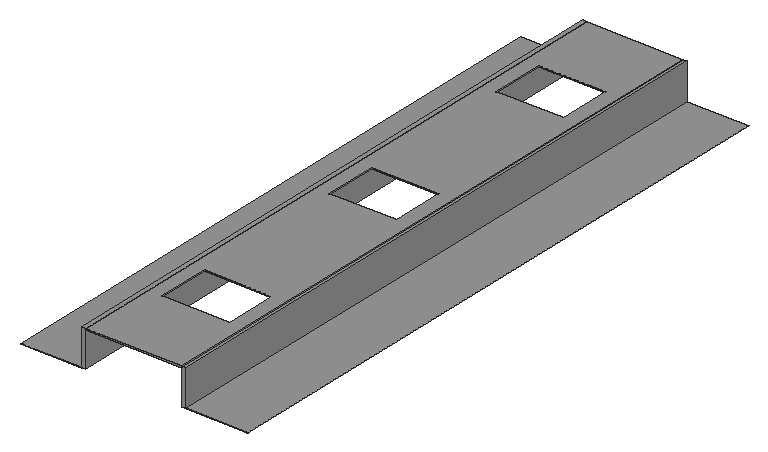
Revit family "OKA-G Kanaleinheit für GES6, Höhe 40-140mm", category Generic Models, Revit 2015
Parameters (values of type "OKA-G40040140D6")
  Width = 400 mm
  URL = "http://www.obo-bettermann.com"
  Material = Steel, Galvanized
  Manufacturer Art. No. = "7424162"
  Manufacturer = "OBO Bettermann"
  Length [instance] = 2400 mm
  HeightCalc [instance] = if(Height < 40 mm, 40 mm, (if(Height > 140 mm, 140 mm, Height)))  # 140 mm
  Height [instance] = 140 mm
  GTIN = "4012195243571"
  Cut's number = 3
  Article Type = "OKA-G40040140D6"
Reference planes
  plane 1 "Center (Front/Back)": y = 0
  plane 2: z = 0
  plane 3 "Center (Left/Right)": x = 0
  plane 4: z = 140
  plane 5: y = -2400
  plane 6: x = 200
  plane 7: x = -200
Forms (mm)
  Extrusion 1, solid, material "Aluminum 6061"
    sketch origin (0, 0, 0) x (1, 0, 0) y (0, 0, 1)
      loop
        line (185, 140) -> (185, 0) -> (435, 0) -> (435, 1) -> (200, 1) -> (200, 140) -> (185, 140)
      loop
        line (-200, 1) -> (-435, 1) -> (-435, 0) -> (-185, 0) -> (-185, 140) -> (-200, 140) -> (-200, 1)
    from 0 to 2400
  Extrusion 2, solid, material "Steel, Galvanized" <- "Material"
    sketch origin (0, 0, 0) x (1, 0, 0) y (0, 0, 1)
      loop
        line (185, 136) -> (185, 140) -> (-185, 140) -> (-185, 136) -> (185, 136)
    from 0 to 2400
  Extrusion 3, void
    sketch origin (0, 0, 0) x (1, 0, 0) y (0, 1, 0)
      loop
        line (-129.1, -1898.5) -> (-129.1, -2102.5) -> (129.1, -2102.5) -> (129.1, -1898.5) -> (-129.1, -1898.5)
    from 0 to 250
  Extrusion 4, void
    sketch origin (0, 800, 0) x (1, 0, 0) y (0, 1, 0)
      loop
        line (-129.1, -1898.5) -> (-129.1, -2102.5) -> (129.1, -2102.5) -> (129.1, -1898.5) -> (-129.1, -1898.5)
    from 0 to 250
  Extrusion 5, void
    sketch origin (0, 1600, 0) x (1, 0, 0) y (0, 1, 0)
      loop
        line (-129.1, -1898.5) -> (-129.1, -2102.5) -> (129.1, -2102.5) -> (129.1, -1898.5) -> (-129.1, -1898.5)
    from 0 to 250
Cuts and joins
  Extrusion 3, Extrusion 4, Extrusion 5 cuts Extrusion 2
Lines and regions (mm)
  model lines
    curve 1: line (-200, 0, 140) -> (-185, 0, 140)
    curve 2: line (-185, 0, 140) -> (-185, 0, 0)
    curve 3: line (-185, 0, 0) -> (-435, 0, 0)
    curve 4: line (-435, 0, 0) -> (-435, 0, 1)
    curve 5: line (-435, 0, 1) -> (-200, 0, 1)
    curve 6: line (-200, 0, 1) -> (-200, 0, 140)
    curve 7: line (185, 0, 140) -> (185, 0, 0)
    curve 8: line (185, 0, 0) -> (435, 0, 0)
    curve 9: line (435, 0, 0) -> (435, 0, 1)
    curve 10: line (435, 0, 1) -> (200, 0, 1)
    curve 11: line (200, 0, 1) -> (200, 0, 140)
    curve 12: line (200, 0, 140) -> (185, 0, 140)
    curve 13: line (185, 0, 140) -> (185, 0, 0)
    curve 14: line (-185, 0, 0) -> (-185, 0, 140)
    curve 15: line (-185, 0, 140) -> (185, 0, 140)
    curve 16: line (-185, 0, 136) -> (185, 0, 136)
Dimensions and locks
  locked: curve 5 to curve 3 at 1
  locked: curve 2 to curve 6 at 15
  locked: curve 10 to curve 8 at 1
  locked: curve 2 to curve 4 at 250
  locked: curve 9 to curve 7 at 250
  locked: curve 11 to curve 7 at 15
  "Length": plane 1 "Center (Front/Back)" to plane 5
  equal spacing: plane 7, plane 3 "Center (Left/Right)", plane 6
  "Width": plane 7 to plane 6
  "HeightCalc": level to plane 4
  locked: curve 16 to curve 15 at 4
  locked: Extrusion 3 sketch curve to Extrusion 3 sketch curve at 204
  locked: Extrusion 3 sketch curve to Extrusion 3 sketch curve at 258.2
  locked: Extrusion 4 sketch curve to Extrusion 4 sketch curve at 204
  locked: Extrusion 4 sketch curve to Extrusion 4 sketch curve at 258.2
  equal spacing: group 1, group 2, group 3  (x3)
  locked: Extrusion 5 sketch curve to Extrusion 5 sketch curve at 204
  locked: Extrusion 5 sketch curve to Extrusion 5 sketch curve at 258.2
  aligned and locked: level to plane 2
  aligned and locked: level to curve 3
  aligned and locked: curve 6 to plane 7
  aligned and locked: curve 11 to plane 6
  aligned and locked: plane 4 to curve 1
  aligned and locked: curve 8 to level
  aligned and locked: Extrusion 1 sketch curve to curve 13
  aligned and locked: Extrusion 1 sketch curve to curve 12
  aligned and locked: Extrusion 1 sketch curve to curve 11
  aligned and locked: Extrusion 1 sketch curve to curve 10
  aligned and locked: Extrusion 1 sketch curve to curve 9
  aligned and locked: Extrusion 1 sketch curve to curve 8
  aligned and locked: Extrusion 1 sketch curve to curve 6
  aligned and locked: Extrusion 1 sketch curve to curve 14
  aligned and locked: Extrusion 1 sketch curve to curve 1
  aligned and locked: Extrusion 1 sketch curve to curve 5
  aligned and locked: Extrusion 1 sketch curve to curve 3
  aligned and locked: Extrusion 1 sketch curve to curve 4
  aligned and locked: Extrusion 1 to plane 5
  aligned and locked: Extrusion 2 sketch curve to curve 16
  aligned and locked: Extrusion 2 sketch curve to curve 15
  aligned and locked: Extrusion 2 sketch curve to curve 2
  aligned and locked: Extrusion 2 sketch curve to curve 7
  aligned and locked: Extrusion 2 to plane 5
